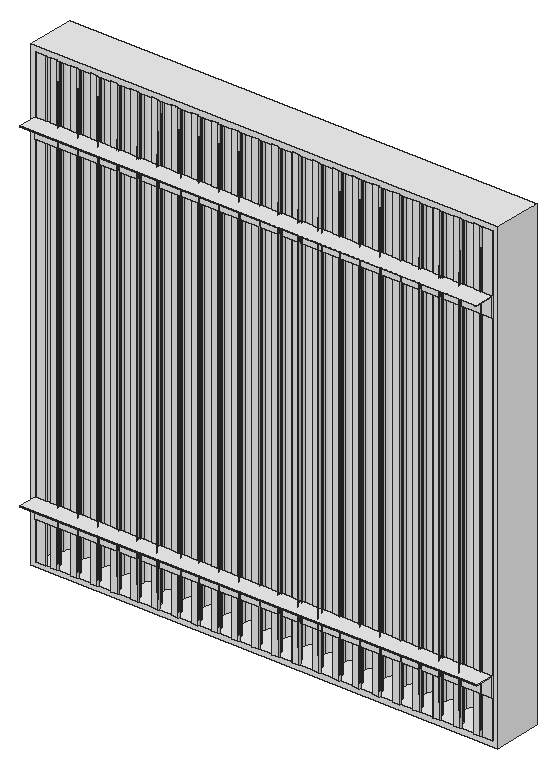
Revit family
Parameters (values of type "Louver_Screen_VV-500_All-Lite")
  URL = "http://www.alllite-louvers.com"
  Specifications = "http://www.alllite-louvers.com/catalog/AVV-500-csi-specification.doc"
  Spacing = 0.167 ft
  SmartBIM Object Version = 3  # constant formula
  SmartBIM Object Created By = "Reed Construction Data"  # constant formula
  Shim Thickness = 0.042 ft
  Screen Width = Width - (2 * Shim Thickness)  # 3.916 ft
  Screen Height = Height - (2 * 0.239583 ft)  # 3.520833 ft
  Screen = Aluminum
  Rough Width = 0.0 ft
  Rough Height = 0.0 ft
  Product URL = "http://www.alllite-louvers.com/catalog.php?model=VV-500"
  Pressure Loss (in.wg.) = "N/A"  # constant formula
  OmniClass Title = "Exterior Louvers and Grilles"  # constant formula
  OmniClass Code = "23-60 11 17"  # constant formula
  Model Number = "VV-500"  # constant formula
  Minimum Size = "12\" x 12\""
  Maximum Size - Single Section = "72\" x 144\" or 144\"x 72\""
  Maximum Size - Multiple Section = "Unlimited"
  Manufacturer = "All-Lite"  # constant formula
  Louver Height = Height - (2 * Shim Thickness)  # 3.916 ft
  Louver = Mill finish, 6063-T5 Extruded Aluminum
  Height = 4.0 ft
  Free Area for 48”x48” Louver = "53.8%"
  Free Area Velocity (fpm) = "N/A"  # constant formula
  Free Area (ft²) for 48"x48" Louver = 8.6 ft
  Frame = Mill finish, 6063-T5 Extruded Aluminum
  Default Sill Height = 3.0 ft
  Wall Closure = (empty or 0)
  Width = 4.0 ft
  Cut Sheet = "http://www.alllite-louvers.com/catalog/AVV500.pdf"
  Assembly Code = "B2010300"
  Air Volume Delivered (cfm) = "N/A"  # constant formula
  95 CSI = "10200 "  # constant formula
  04 CSI = "08 91 00"  # constant formula
  # of Louvers = (Height - 0.25 ft) / (Spacing)  # 22
Reference planes (ft)
  plane 1 "Center (Front/Back)": y = 0
  plane 2: z = 0.291667
  plane 3 "Center (Left/Right)": x = 0
  plane 4 "Left": x = -2
  plane 5 "Right": x = 2
  plane 6 "Sill": z = 3.291667
  plane 7 "Top": z = 7.291667
  plane 8: x = -1.958
  plane 9: x = 1.958
  plane 10: z = 7.249667
  plane 11: z = 3.333667
  plane 12: z = 5.291667
  plane 13: z = 3.417
  plane 14: z = 3.458667
  plane 15: z = 7.166333
  plane 16: z = 7.124667
Forms (ft)
  Sweep 1, solid, material "Mill finish, 6063-T5 Extruded Aluminum" <- "Frame"
    path origin (-5, 0.333333, 0) x (-1, 0, 0) y (0, 0, 1)
      loop
        line (-6.958, 3.333667) -> (-6.958, 7.249667)
    profile "Vertical Mullion : Vertical Mullion" origin (1.958, 0.333333, 5.291667) x (1, 0, 0) y (0, 1, 0)
      loop
        line (-0.083333, -0.40625) -> (-0.083333, -0.416667) -> (0, -0.416667) -> (0, 0) -> (-0.083333, 0) -> (-0.083333, -0.010417) -> (-0.010417, -0.010417) -> (-0.010417, -0.40625) -> (-0.083333, -0.40625)
  Sweep 2, solid, material "Mill finish, 6063-T5 Extruded Aluminum" <- "Frame"
    path origin (5, 0.333333, 0) x (1, 0, 0) y (0, 0, -1)
      loop
        line (-6.958, -3.333667) -> (-6.958, -7.249667)
    profile "Vertical Mullion : Vertical Mullion" origin (-1.958, 0.333333, 5.291667) x (1, 0, 0) y (0, 1, 0)
      loop
        line (0.083333, -0.40625) -> (0.010417, -0.40625) -> (0.010417, -0.010417) -> (0.083333, -0.010417) -> (0.083333, 0) -> (0, 0) -> (0, -0.416667) -> (0.083333, -0.416667) -> (0.083333, -0.40625)
  Sweep 3, solid, material "Mill finish, 6063-T5 Extruded Aluminum" <- "Frame"
    path origin (0, 0, 0) x (1, 0, 0) y (0, 0, 1)
      loop
        line (-2, 7.291667) -> (-2, 3.291667) -> (2, 3.291667) -> (2, 7.291667) -> (-2, 7.291667)
    profile origin (0, 0, 7.291667) x (0, 0, 1) y (0, -1, 0)
      loop
        line (0, -0.333333) -> (0, 0.083333) -> (-0.042, 0.083333) -> (-0.042, -0.333333) -> (0, -0.333333)
  Sweep 4, solid, material "Mill finish, 6063-T5 Extruded Aluminum" <- "Frame"
    path origin (-1.958, -0.083333, 7.249667) x (1, 0, 0) y (0, 0, 1)
      loop
        line (3.916, -3.416) -> (0, -3.416)
    profile "Horizontal Mullion : Horizontal Mullion" origin (0, -0.083333, 3.833667) x (0, 0, -1) y (0, -1, 0)
      loop
        line (0.00675, 0.00675) -> (0.00675, 0.166667) -> (0, 0.166667) -> (0, 0) -> (0.166667, 0) -> (0.166667, 0.00675) -> (0.00675, 0.00675)
  Sweep 5, solid, material "Mill finish, 6063-T5 Extruded Aluminum" <- "Louver"
    path origin (-1.958, -0.083333, 7.249667) x (1, 0, 0) y (0, 0, 1)
      loop
        line (0, -0.5) -> (3.916, -0.5)
    profile "Horizontal Mullion : Horizontal Mullion" origin (0, -0.083333, 6.749667) x (0, 0, 1) y (0, -1, 0)
      loop
        line (-0.00675, 0.00675) -> (-0.166667, 0.00675) -> (-0.166667, 0) -> (0, 0) -> (0, 0.166667) -> (-0.00675, 0.166667) -> (-0.00675, 0.00675)
Lines and regions (ft)
  Opening 1
    outline origin (-5, -0.333333, 0) x (1, 0, 0) y (0, 0, 1)
      loop
        line (3, 7.291667) -> (3, 3.291667) -> (7, 3.291667) -> (7, 7.291667) -> (3, 7.291667)
  Masking region 1, detail levels coarse+medium
    outline origin (0, 0, 0) x (1, 0, 0) y (0, 1, 0)
      loop
        line (-2, -0.083333) -> (-1.874667, -0.083333) -> (-1.874667, 0.333333) -> (-2, 0.333333) -> (-2, -0.083333)
      loop
        line (2, -0.083333) -> (2, 0.333333) -> (1.874667, 0.333333) -> (1.874667, -0.083333) -> (2, -0.083333)
  Masking region 2, detail levels fine
    outline origin (0, 0, 0) x (1, 0, 0) y (0, 1, 0)
      loop
        line (1.874667, 0.322917) -> (1.947583, 0.322917) -> (1.947583, -0.072917) -> (1.874667, -0.072917) -> (1.874667, -0.083333) -> (1.958, -0.083333) -> (1.958, 0.333333) -> (1.874667, 0.333333) -> (1.874667, 0.322917)
      loop
        line (-1.958, 0.333333) -> (-1.958, -0.083333) -> (-1.874667, -0.083333) -> (-1.874667, -0.072917) -> (-1.947583, -0.072917) -> (-1.947583, 0.322917) -> (-1.874667, 0.322917) -> (-1.874667, 0.333333) -> (-1.958, 0.333333)
Text (ft)
  text "EXTERIOR" at (-4.890733, 4.242245, 0), in view "Ref. Level"
  text "INTERIOR" at (-4.890733, -3.147199, 0), in view "Ref. Level"
  text "Exterior" at (0, 3.638026, 10.266337), in view "Left"
  text "Exterior" at (0, 1.524487, 10.420622), in view "Right"
Dimensions and locks (ft)
  equal spacing: plane 4 "Left", plane 3 "Center (Left/Right)", plane 5 "Right"
  "Width": plane 4 "Left" to plane 5 "Right"
  "Height": plane 6 "Sill" to plane 7 "Top"
  "Default Sill Height": plane 2 to plane 6 "Sill"
  "Shim Thickness": plane 4 "Left" to plane 8
  "Shim Thickness": plane 9 to plane 5 "Right"
  "Shim Thickness": plane 10 to plane 7 "Top"
  "Shim Thickness": plane 6 "Sill" to plane 11
  equal spacing: plane 11, plane 12, plane 10
  locked: plane 13 to plane 11 at 0.083333
  locked: plane 14 to plane 13 at 0.041667
  locked: plane 10 to plane 15 at 0.083333
  locked: plane 15 to plane 16 at 0.041667
  plane 10 to plane 7 "Top" = 0.042 ft
  equal spacing: group 1, group 3, group 4, group 5, group 6, group 7, group 8, group 9, group 10, group 11, group 12, group 13, group 14, group 15, group 16, group 17, group 18, group 19, group 20, group 21, group 22, group 2  (x3)
  locked: Sweep 4 sketch curve to plane 11 at 0.5
  locked: plane 10 to Sweep 5 sketch curve at 0.5
  aligned and locked: plane 7 "Top" to Opening 1 sketch curve
  aligned and locked: plane 6 "Sill" to Opening 1 sketch curve  (x2)
  aligned and locked: plane 5 "Right" to Opening 1 sketch curve
  aligned and locked: plane 4 "Left" to Opening 1 sketch curve
  aligned and locked: plane 9 to Sweep 1 sketch curve
  aligned and locked: Sweep 2 sketch curve to plane 8
  aligned and locked: plane 7 "Top" to Sweep 3 sketch curve
  aligned and locked: plane 5 "Right" to Sweep 3 sketch curve
  aligned and locked: plane 6 "Sill" to Sweep 3 sketch curve
  aligned and locked: plane 4 "Left" to Sweep 3 sketch curve
  aligned and locked: host wall to Sweep 3 sketch curve
  aligned and locked: Sweep 3 sketch curve to host wall
  aligned and locked: plane 10 to Sweep 3 sketch curve
  aligned and locked: Sweep 3 sketch curve to Sweep 2
  aligned and locked: plane 10 to Sweep 2 sketch curve
  aligned and locked: plane 11 to Sweep 2 sketch curve
  aligned and locked: plane 11 to Sweep 1 sketch curve
  aligned and locked: plane 10 to Sweep 1 sketch curve
  aligned and locked: Sweep 3 to nested 1
  aligned and locked: nested 1 to Sweep 2
  aligned and locked: plane 10 to nested 1
  aligned and locked: plane 11 to nested 1
  aligned and locked: Sweep 3 to nested 2
  aligned and locked: Sweep 4 to Sweep 3
  aligned and locked: Sweep 5 to Sweep 3
  aligned and locked: plane 8 to Sweep 5 sketch curve
  aligned and locked: plane 9 to Sweep 5 sketch curve
  aligned and locked: plane 8 to Sweep 4 sketch curve
  aligned and locked: plane 9 to Sweep 4 sketch curve
  aligned and locked: Masking region 1 sketch curve to Sweep 2  (x2)
  aligned and locked: Masking region 1 sketch curve to plane 4 "Left"
  aligned and locked: Sweep 3 to Masking region 1 sketch curve  (x2)
  aligned and locked: Masking region 1 sketch curve to plane 5 "Right"
  aligned and locked: Masking region 1 sketch curve to Sweep 3
  aligned and locked: Masking region 1 sketch curve to nested 2
  aligned and locked: Masking region 2 sketch curve to Sweep 1  (x5)
  aligned and locked: Masking region 2 sketch curve to nested 2
  aligned and locked: plane 9 to Masking region 2 sketch curve
  aligned and locked: nested 2 to Masking region 2 sketch curve
  aligned and locked: Masking region 2 sketch curve to plane 8
  aligned and locked: Masking region 2 sketch curve to Sweep 2  (x7)
  aligned and locked: plane 10 to nested 2
  aligned and locked: nested 2 to Sweep 1
Nested families (ft)
  nested 1: "Louver" at (-1.947583, 0.04541, 3.333667), type "Louver"
    with Louver Length 3.916 ft
  nested 2: "Louver" at (1.675535, 0.04541, 3.333667), type "Louver"
    with Louver Length 3.916 ft
  nested 3: "Louver" at (-1.775054, 0.04541, 3.333667), type "Louver"
    with Louver Length 3.916 ft
  nested 4: "Louver" at (-1.602524, 0.04541, 3.333667), type "Louver"
    with Louver Length 3.916 ft
  nested 5: "Louver" at (-1.429995, 0.04541, 3.333667), type "Louver"
    with Louver Length 3.916 ft
  nested 6: "Louver" at (-1.257466, 0.04541, 3.333667), type "Louver"
    with Louver Length 3.916 ft
  nested 7: "Louver" at (-1.084936, 0.04541, 3.333667), type "Louver"
    with Louver Length 3.916 ft
  nested 8: "Louver" at (-0.912407, 0.04541, 3.333667), type "Louver"
    with Louver Length 3.916 ft
  nested 9: "Louver" at (-0.739877, 0.04541, 3.333667), type "Louver"
    with Louver Length 3.916 ft
  nested 10: "Louver" at (-0.567348, 0.04541, 3.333667), type "Louver"
    with Louver Length 3.916 ft
  nested 11: "Louver" at (-0.394818, 0.04541, 3.333667), type "Louver"
    with Louver Length 3.916 ft
  nested 12: "Louver" at (-0.222289, 0.04541, 3.333667), type "Louver"
    with Louver Length 3.916 ft
  nested 13: "Louver" at (-0.04976, 0.04541, 3.333667), type "Louver"
    with Louver Length 3.916 ft
  nested 14: "Louver" at (0.12277, 0.04541, 3.333667), type "Louver"
    with Louver Length 3.916 ft
  nested 15: "Louver" at (0.295299, 0.04541, 3.333667), type "Louver"
    with Louver Length 3.916 ft
  nested 16: "Louver" at (0.467829, 0.04541, 3.333667), type "Louver"
    with Louver Length 3.916 ft
  nested 17: "Louver" at (0.640358, 0.04541, 3.333667), type "Louver"
    with Louver Length 3.916 ft
  nested 18: "Louver" at (0.812887, 0.04541, 3.333667), type "Louver"
    with Louver Length 3.916 ft
  nested 19: "Louver" at (0.985417, 0.04541, 3.333667), type "Louver"
    with Louver Length 3.916 ft
  nested 20: "Louver" at (1.157946, 0.04541, 3.333667), type "Louver"
    with Louver Length 3.916 ft
  nested 21: "Louver" at (1.330476, 0.04541, 3.333667), type "Louver"
    with Louver Length 3.916 ft
  nested 22: "Louver" at (1.503005, 0.04541, 3.333667), type "Louver"
    with Louver Length 3.916 ft
Definition of nested family "Louver"
  Parameters (values of type "Louver")
    q = 0.575833 ft
    Louver Length = 0.666667 ft
    Louver Array = yes
    Louver = none
    Assembly Code = ""
  Reference planes (ft)
    plane 1 "Center (Front/Back)": y = 0.07959
    plane 2: z = 0
    plane 3 "Center (Left/Right)": x = 0
    plane 4: y = 0.287923
    plane 5: y = -0.128743
    plane 6: z = 0.666667
    plane 7: x = 0.199132
  Forms (ft)
    Extrusion 1, solid, material <- "Louver"
      sketch origin (-0.008769, 0, 0) x (1, 0, 0) y (0, 1, 0)
        loop
          line (0.127469, -0.128743) -> (0.181406, -0.128743)
          arc (0.181406, -0.128743) -> (0.186349, -0.123093) -> (0.185068, -0.115697) r 0.008718
          line (0.185068, -0.115697) -> (0.143617, -0.069661)
          arc (0.143617, -0.069661) -> (0.150917, -0.0636) -> (0.152189, -0.054197) r 0.013064
          arc (0.152189, -0.054197) -> (0.147663, -0.051433) -> (0.144899, -0.055959) r 0.00375
          arc (0.144899, -0.055959) -> (0.144543, -0.059599) -> (0.142003, -0.06223) r 0.005564
          arc (0.142003, -0.06223) -> (0.1351, -0.060407) -> (0.134008, -0.05335) r 0.006519
          arc (0.134008, -0.05335) -> (0.136175, -0.050712) -> (0.139561, -0.050272) r 0.004637
          arc (0.139561, -0.050272) -> (0.144117, -0.047557) -> (0.141401, -0.043001) r 0.00375
          arc (0.141401, -0.043001) -> (0.132539, -0.044152) -> (0.126867, -0.051058) r 0.012137
          line (0.126867, -0.051058) -> (0.100344, -0.021602)
          arc (0.100344, -0.021602) -> (0.066254, 0.034327) -> (0.05195, 0.098246) r 0.201057
          arc (0.05195, 0.098246) -> (0.055774, 0.127218) -> (0.069955, 0.15277) r 0.078288
          arc (0.069955, 0.15277) -> (0.091558, 0.174) -> (0.113528, 0.19485) r 1.737801
          arc (0.113528, 0.19485) -> (0.139552, 0.228097) -> (0.152361, 0.268329) r 0.119258
          line (0.152361, 0.268329) -> (0.152361, 0.280531) -> (0.194456, 0.280531)
          arc (0.194456, 0.280531) -> (0.196279, 0.278803) -> (0.195082, 0.276596) r 0.002063
          line (0.195082, 0.276596) -> (0.176447, 0.257961)
          arc (0.176447, 0.257961) -> (0.176447, 0.253228) -> (0.18118, 0.253228) r 0.003347
          line (0.18118, 0.253228) -> (0.206559, 0.278607)
          arc (0.206559, 0.278607) -> (0.207364, 0.284719) -> (0.202164, 0.288031) r 0.005737
          line (0.202164, 0.288031) -> (0.152868, 0.288031)
          arc (0.152868, 0.288031) -> (0.147062, 0.283576) -> (0.144861, 0.276596) r 0.01217
          line (0.144861, 0.276596) -> (0.144861, 0.268826)
          arc (0.144861, 0.268826) -> (0.13279, 0.231353) -> (0.108474, 0.200392) r 0.111758
          arc (0.108474, 0.200392) -> (0.086378, 0.179424) -> (0.064652, 0.158073) r 1.745301
          line (0.064652, 0.158073) -> (0.017245, 0.110667)
          arc (0.017245, 0.110667) -> (0.008608, 0.081133) -> (0.022145, 0.0535) r 0.042545
          arc (0.022145, 0.0535) -> (0.024278, 0.052849) -> (0.025577, 0.054661) r 0.001913
          line (0.025577, 0.054661) -> (0.025577, 0.060643)
          arc (0.025577, 0.060643) -> (0.016001, 0.082932) -> (0.023195, 0.106101) r 0.035045
          arc (0.023195, 0.106101) -> (0.027404, 0.101547) -> (0.029802, 0.107266) r 0.003687
          arc (0.029802, 0.107266) -> (0.036825, 0.116049) -> (0.041514, 0.105828) r 0.006605
          arc (0.041514, 0.105828) -> (0.039529, 0.104308) -> (0.037422, 0.102963) r 0.029212
          arc (0.037422, 0.102963) -> (0.035952, 0.098288) -> (0.040478, 0.096409) r 0.00363
          arc (0.040478, 0.096409) -> (0.042299, 0.097599) -> (0.044462, 0.097822) r 0.004612
          arc (0.044462, 0.097822) -> (0.059316, 0.031481) -> (0.094716, -0.026559) r 0.208557
          line (0.094716, -0.026559) -> (0.176038, -0.116876)
          arc (0.176038, -0.116876) -> (0.176607, -0.119435) -> (0.174711, -0.121243) r 0.002665
          line (0.174711, -0.121243) -> (0.127469, -0.121243)
          arc (0.127469, -0.121243) -> (0.124766, -0.124993) -> (0.127469, -0.128743) r 0.003953
      from 0 to 0.666667
  Dimensions and locks (ft)
    "Louver Length": plane 6 to plane 2
    aligned and locked: Extrusion 1 to plane 6
    aligned and locked: Extrusion 1 to plane 2
  Automatic sketch dimensions
    Extrusion 1 sketch curve to Extrusion 1 sketch curve = 0.0 ft  (x23)
    Extrusion 1 sketch curve to plane 5 = 0.0 ft
    plane 3 "Center (Left/Right)" to Extrusion 1 sketch curve = 0.008476 ft
    plane 3 "Center (Left/Right)" to Extrusion 1 sketch curve = 0.013376 ft
    Extrusion 1 sketch curve to Extrusion 1 sketch curve = 0.005529 ft
    Extrusion 1 sketch curve to Extrusion 1 sketch curve = 0.00595 ft
    Extrusion 1 sketch curve to Extrusion 1 sketch curve = 0.00152 ft
    Extrusion 1 sketch curve to Extrusion 1 sketch curve = 0.001913 ft
    Extrusion 1 sketch curve to Extrusion 1 sketch curve = 0.003569 ft
    Extrusion 1 sketch curve to Extrusion 1 sketch curve = 0.003038 ft
    Extrusion 1 sketch curve to plane 4 = 0.004102 ft
    plane 3 "Center (Left/Right)" to Extrusion 1 sketch curve = 0.025344 ft
    Extrusion 1 sketch curve to Extrusion 1 sketch curve = 0.006218 ft
    Extrusion 1 sketch curve to Extrusion 1 sketch curve = 0.001402 ft
    Extrusion 1 sketch curve to Extrusion 1 sketch curve = 0.00182 ft
    Extrusion 1 sketch curve to Extrusion 1 sketch curve = 0.001236 ft
    Extrusion 1 sketch curve to Extrusion 1 sketch curve = 0.004092 ft
    Extrusion 1 sketch curve to Extrusion 1 sketch curve = 0.003362 ft
    Extrusion 1 sketch curve to Extrusion 1 sketch curve = 0.003984 ft
    Extrusion 1 sketch curve to Extrusion 1 sketch curve = 0.007157 ft
    Extrusion 1 sketch curve to Extrusion 1 sketch curve = 0.007488 ft
    Extrusion 1 sketch curve to Extrusion 1 sketch curve = 0.005303 ft  (x2)
    Extrusion 1 sketch curve to Extrusion 1 sketch curve = 0.005628 ft
    Extrusion 1 sketch curve to Extrusion 1 sketch curve = 0.005054 ft
    Extrusion 1 sketch curve to Extrusion 1 sketch curve = 0.026522 ft
    Extrusion 1 sketch curve to plane 5 = 0.0075 ft
    Extrusion 1 sketch curve to Extrusion 1 sketch curve = 0.001251 ft
    Extrusion 1 sketch curve to plane 1 "Center (Front/Back)" = 0.02308 ft
    Extrusion 1 sketch curve to Extrusion 1 sketch curve = 0.007141 ft
    Extrusion 1 sketch curve to Extrusion 1 sketch curve = 0.004415 ft
    Extrusion 1 sketch curve to Extrusion 1 sketch curve = 0.001068 ft
    Extrusion 1 sketch curve to Extrusion 1 sketch curve = 0.001138 ft
    Extrusion 1 sketch curve to Extrusion 1 sketch curve = 0.000453 ft
    Extrusion 1 sketch curve to Extrusion 1 sketch curve = 0.00092 ft
    Extrusion 1 sketch curve to Extrusion 1 sketch curve = 0.002512 ft
    Extrusion 1 sketch curve to Extrusion 1 sketch curve = 0.001614 ft
    Extrusion 1 sketch curve to plane 4 = 0.011328 ft  (x2)
    Extrusion 1 sketch curve to Extrusion 1 sketch curve = 0.004955 ft
    Extrusion 1 sketch curve to Extrusion 1 sketch curve = 0.003645 ft
    Extrusion 1 sketch curve to Extrusion 1 sketch curve = 0.0075 ft
    plane 4 to Extrusion 1 sketch curve = 0.000108 ft
    Extrusion 1 sketch curve to Extrusion 1 sketch curve = 0.000507 ft
    Extrusion 1 sketch curve to plane 5 = 0.010084 ft
    Extrusion 1 sketch curve to Extrusion 1 sketch curve = 0.000653 ft
    Extrusion 1 sketch curve to plane 5 = 0.011867 ft
    Extrusion 1 sketch curve to Extrusion 1 sketch curve = 0.024086 ft
    Extrusion 1 sketch curve to Extrusion 1 sketch curve = 0.003244 ft
    Extrusion 1 sketch curve to Extrusion 1 sketch curve = 0.002366 ft  (x3)
    Extrusion 1 sketch curve to Extrusion 1 sketch curve = 0.003452 ft
    Extrusion 1 sketch curve to Extrusion 1 sketch curve = 0.007113 ft
    Extrusion 1 sketch curve to Extrusion 1 sketch curve = 0.000214 ft
    Extrusion 1 sketch curve to Extrusion 1 sketch curve = 0.00084 ft
    plane 5 to Extrusion 1 sketch curve = 0.947297 ft
    Extrusion 1 sketch curve to Extrusion 1 sketch curve = 0.000506 ft
    Extrusion 1 sketch curve to Extrusion 1 sketch curve = 0.051582 ft
    Extrusion 1 sketch curve to Extrusion 1 sketch curve = 0.007431 ft
    Extrusion 1 sketch curve to Extrusion 1 sketch curve = 0.001222 ft
    Extrusion 1 sketch curve to Extrusion 1 sketch curve = 0.001277 ft
    Extrusion 1 sketch curve to Extrusion 1 sketch curve = 0.024499 ft
    Extrusion 1 sketch curve to Extrusion 1 sketch curve = 0.004958 ft
    plane 1 "Center (Front/Back)" to Extrusion 1 sketch curve = 0.02609 ft
    Extrusion 1 sketch curve to Extrusion 1 sketch curve = 0.005982 ft
    Extrusion 1 sketch curve to plane 1 "Center (Front/Back)" = 0.005176 ft
    Extrusion 1 sketch curve to Extrusion 1 sketch curve = 0.00457 ft
    Extrusion 1 sketch curve to Extrusion 1 sketch curve = 0.003413 ft
    Extrusion 1 sketch curve to Extrusion 1 sketch curve = 0.000923 ft
    Extrusion 1 sketch curve to Extrusion 1 sketch curve = 0.015101 ft
    Extrusion 1 sketch curve to Extrusion 1 sketch curve = 0.001884 ft
    Extrusion 1 sketch curve to plane 4 = 0.009316 ft
    Extrusion 1 sketch curve to Extrusion 1 sketch curve = 0.036387 ft
    Extrusion 1 sketch curve to Extrusion 1 sketch curve = 0.045338 ft
    Extrusion 1 sketch curve to Extrusion 1 sketch curve = 0.017795 ft
    Extrusion 1 sketch curve to Extrusion 1 sketch curve = 0.007708 ft
    Extrusion 1 sketch curve to Extrusion 1 sketch curve = 0.004395 ft
    Extrusion 1 sketch curve to plane 1 "Center (Front/Back)" = 0.030018 ft
    Extrusion 1 sketch curve to Extrusion 1 sketch curve = 0.041878 ft
    plane 3 "Center (Left/Right)" to Extrusion 1 sketch curve = 0.085947 ft
    Extrusion 1 sketch curve to Extrusion 1 sketch curve = 0.043822 ft
    Extrusion 1 sketch curve to Extrusion 1 sketch curve = 0.016149 ft
    Extrusion 1 sketch curve to Extrusion 1 sketch curve = 0.078163 ft
    plane 3 "Center (Left/Right)" to Extrusion 1 sketch curve = 1.289997 ft
